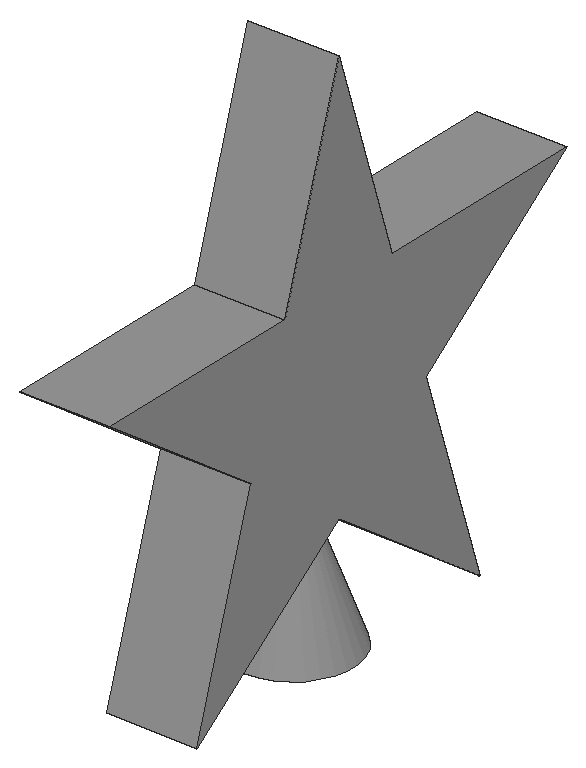
Revit family "MC_puntale", category Modelli generici, Revit 2013
Reference planes
  plane 1 "Centro (Fronte/Retro)": y = 0
  plane 2: z = 0
  plane 3 "Centro (Sinistra/Destra)": x = 0
Forms (mm)
  Extrusion 1, solid, material "Vetro, rosso"
    sketch origin (-15, 95.106, 50) x (0, 0.309017, 0.951057) y (0, -0.951057, 0.309017)
      loop
        line (-95.106, 130.902) -> (-36.327, 88.197) -> (-58.779, 19.098) -> (0, 61.803) -> (58.779, 19.098) -> (36.327, 88.197) -> (95.106, 130.902) -> (22.451, 130.902) -> (0, 200) -> (-22.451, 130.902) -> (-95.106, 130.902)
    from 0 to 30
  Revolve 2, solid, material "Plastica, Bianco opaco"
    sketch origin (0, 0, 0) x (0, 1, 0) y (0, 0, 1)
      loop
        line (0, 42.705) -> (0, 0) -> (20, 0) -> (4.457, 42.705) -> (0, 42.705)
      axis (0, 0) -> (0, 42.705)
    angle from 0 to 360
  Extrusion 3, void
    sketch origin (0, 0, 18.035) x (0, 1, 0) y (0, 0, 1)
      loop
        line (0, 96.18) -> (-7.921, 71.803) -> (-33.552, 71.803) -> (-12.816, 56.738) -> (-20.736, 32.361) -> (0, 47.426) -> (20.736, 32.361) -> (12.816, 56.738) -> (33.552, 71.803) -> (7.921, 71.803) -> (0, 96.18)
    from -10.685 to 11.518
  Extrusion 4, solid, material "Vetro, rosso", not visible
    sketch origin (-15, 95.106, 50) x (0, 0.309017, 0.951057) y (0, -0.951057, 0.309017)
      loop
        line (-95.106, 130.902) -> (-36.327, 88.197) -> (-58.779, 19.098) -> (0, 61.803) -> (58.779, 19.098) -> (36.327, 88.197) -> (95.106, 130.902) -> (22.451, 130.902) -> (0, 200) -> (-22.451, 130.902) -> (-95.106, 130.902)
    from 0 to 30
  Extrusion 5, void, not visible
    sketch origin (0, 0, 18.035) x (0, 1, 0) y (0, 0, 1)
      loop
        line (0, 96.18) -> (-7.921, 71.803) -> (-33.552, 71.803) -> (-12.816, 56.738) -> (-20.736, 32.361) -> (0, 47.426) -> (20.736, 32.361) -> (12.816, 56.738) -> (33.552, 71.803) -> (7.921, 71.803) -> (0, 96.18)
    from -10.685 to 11.518
Cuts and joins
  Extrusion 3 cuts Extrusion 1
Dimensions and locks
  aligned and locked: level to plane 2
Nested families
  nested 1: "MC_sorgente_luce" at (0, 0, -1420), type "MC_sorgente_luce"
Definition of nested family "MC_sorgente_luce"
  Parameters (values of type "MC_sorgente_luce")
    Wattage = 9.2903 W
    built-in parameter 1150110 = 1 (stored number, unit not read)
    built-in parameter 1114217 = 1 (stored number, unit not read)
    built-in parameter 1150109 = 1 (stored number, unit not read)
    built-in parameter 1150134 = 1
    built-in parameter 1150113 = 1 (stored number, unit not read)
    Lumens = 1380 lm
    built-in parameter 1150115 = 1 (stored number, unit not read)
    built-in parameter 1150105 = 109.82 (stored number, unit not read)
    Light Source Symbol Size = 609.6 mm
    built-in parameter 1150137 = (empty or 0)
    built-in parameter 1150139 = (empty or 0)
    built-in parameter 1150112 = 1 (stored number, unit not read)
    built-in parameter 1150114 = 1 (stored number, unit not read)
    built-in parameter 1150132 = 2
    built-in parameter 1150102 = (empty or 0)
    built-in parameter 1150138 = (empty or 0)
    built-in parameter 1150107 = 6500 (stored number, unit not read)
    built-in parameter 1150106 = 1.0982 (stored number, unit not read)
    built-in parameter 1150104 = 13.8 (stored number, unit not read)
    Dimming Lamp Color Temperature Shift = (empty or 0)
    Color Filter = 16777215
    built-in parameter 1114218 = 1 (stored number, unit not read)
    built-in parameter 1150133 = 10 (stored number, unit not read)
  Reference planes
    plane 1 "Asse sorgente illuminazione (F/B)": y = 0
    plane 2: z = 0
    plane 3 "Asse sorgente illuminazione (L/R)": x = 0
    plane 4 "Prospetto sorgente di illuminazione": z = 1500
  Dimensions and locks
    aligned and locked: plane 3 "Asse sorgente illuminazione (L/R)" to imposter light
    aligned and locked: plane 1 "Asse sorgente illuminazione (F/B)" to imposter light
    aligned and locked: plane 4 "Prospetto sorgente di illuminazione" to imposter light
    aligned and locked: level to plane 2
